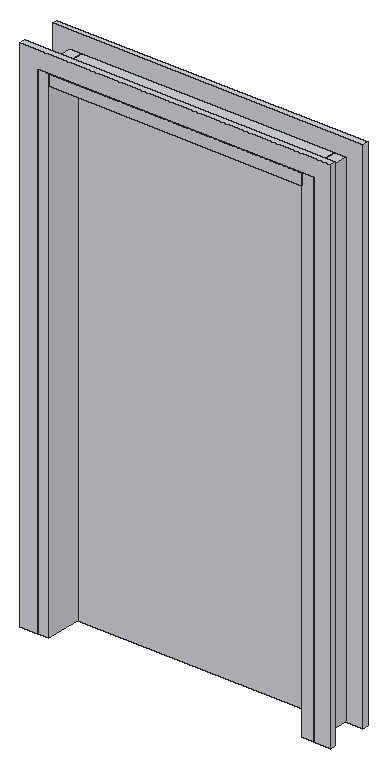
Revit family "Cua_Chong_Chay_D7_1Canh", category Doors, host Wall, Revit 2025
Family settings
  Host = Wall
  OmniClass Number = 23.30.10.00
  OmniClass Title = Doors
  Always vertical = Yes
  Cut with Voids When Loaded = No
  Shared = No
  Room Calculation Point = No
Parameters (values of type "D7_1200x2200")
  Function = Interior
  Frame Projection Ext. = 25 mm
  Frame Projection Int. = 25 mm
  Frame Width = 75 mm
  Height = 2200 mm
  Wall Closure = By host
  Width = 1200 mm
  Fire Rating = "EI 70 (70 phút)"
  Description = "Cửa thép chống cháy 1 cánh D7 (EI 70) - Góc mở 30%"
Types (3, lengths in mm): name | Height
  (no name) | 2400
  D7_1200x2200 | 2200
  D7_1200x2400 | 2400
Reference planes
  plane 1: y = 0
  plane 2 "Center (Left/Right)": x = 0
  plane 3 "Left": x = -600
  plane 4 "Right": x = 600
  plane 5: z = 2200
  plane 6 "Exterior": y = 75
  plane 7 "Interior": y = -75
Forms (mm)
  Extrusion 1, solid
    sketch origin (-3050, -75, 0) x (1, 0, 0) y (0, 0, 1)
      loop
        line (2375, 0) -> (2450, 0) -> (2450, 2200) -> (3650, 2200) -> (3650, 0) -> (3725, 0) -> (3725, 2275) -> (2375, 2275) -> (2375, 0)
    from 0 to 25
  Extrusion 2, solid
    sketch origin (-3050, 75, 0) x (-1, 0, 0) y (0, 0, 1)
      loop
        line (-2450, 0) -> (-2375, 0) -> (-2375, 2275) -> (-3725, 2275) -> (-3725, 0) -> (-3650, 0) -> (-3650, 2200) -> (-2450, 2200) -> (-2450, 0)
    from 0 to 25
  Extrusion 3, solid
    sketch origin (0, 0, 0) x (1, 0, 0) y (0, 1, 0)
      loop
        line (-600, -100) -> (-550, -100) -> (-550, 100) -> (-600, 100) -> (-600, -100)
    from 0 to 2200
  Extrusion 4, solid
    sketch origin (0, 0, 0) x (1, 0, 0) y (0, 1, 0)
      loop
        line (550, -100) -> (600, -100) -> (600, 100) -> (550, 100) -> (550, -100)
    from 0 to 2200
  Extrusion 5, solid
    sketch origin (0, 0, 0) x (1, 0, 0) y (0, 1, 0)
      loop
        line (-550, -100) -> (550, -100) -> (550, 100) -> (-550, 100) -> (-550, -100)
    from 2150 to 2200
  Extrusion 6, solid
    sketch origin (0, 0, 0) x (1, 0, 0) y (0, 1, 0)
      loop
        line (-550, 55) -> (550, 55) -> (550, 100) -> (-550, 100) -> (-550, 55)
    from 0 to 2150
Lines and regions (mm)
  Opening 1
    outline origin (-3050, -75, 0) x (1, 0, 0) y (0, 0, 1)
      loop
        line (2450, 0) -> (3650, 0) -> (3650, 2200) -> (2450, 2200) -> (2450, 0)
  symbolic lines, style "Elevation Swing"
    curve 1: line (600, -75, 1100) -> (-600, -75, 2200)
    curve 2: line (600, -75, 1100) -> (-600, -75, 0)
  symbolic lines, style "DoorsPanelProjection"
    curve 3: line (-550, 100, 0) -> (402.628, 650, 0)
    curve 4: line (402.628, 650, 0) -> (380.128, 688.971, 0)
    curve 5: line (380.128, 688.971, 0) -> (-572.5, 138.971, 0)
    curve 6: line (-572.5, 138.971, 0) -> (-550, 100, 0)
  symbolic lines, style "Plan Swing"
    curve 7: arc (550, 100, 0) -> (512.518, 384.701, 0) -> (402.628, 650, 0) r 1100
  symbolic lines, style "DoorsFrameMullionProjection"
    curve 8: line (-600, -100, 0) -> (-550, -100, 0)
    curve 9: line (-550, -100, 0) -> (-550, 100, 0)
    curve 10: line (-550, 100, 0) -> (-600, 100, 0)
    curve 11: line (-600, 100, 0) -> (-600, -100, 0)
    curve 12: line (550, -100, 0) -> (600, -100, 0)
    curve 13: line (600, -100, 0) -> (600, 100, 0)
    curve 14: line (600, 100, 0) -> (550, 100, 0)
    curve 15: line (550, 100, 0) -> (550, -100, 0)
Text (mm)
  text "Exterior" at (-1376.75, 1099.543, 0), in view "Ref. Level"
  text "Exterior" at (0, 1615.38, 3698.081), in view "Left"
  text "Exterior" at (0, 1036.032, 3874.932), in view "Right"
Dimensions and locks
  equal spacing: plane 3 "Left", plane 2 "Center (Left/Right)", plane 4 "Right"
  "Width": plane 3 "Left" to plane 4 "Right"
  "Height": plane 5 to host wall
  equal spacing: host wall, curve 2, plane 5
  host wall to plane 5 = 2200 mm
  "Frame Projection Ext.": Extrusion 2 to Extrusion 2
  "Frame Projection Int.": Extrusion 1 to Extrusion 1
  "Frame Width": plane 3 "Left" to Extrusion 1 sketch curve
  "Frame Width": plane 4 "Right" to Extrusion 1 sketch curve
  "Frame Width": Extrusion 1 sketch curve to plane 5
  "Frame Width": plane 4 "Right" to Extrusion 2 sketch curve
  "Frame Width": plane 3 "Left" to Extrusion 2 sketch curve
  "Frame Width": plane 5 to Extrusion 2 sketch curve
  locked: plane 6 "Exterior" to host wall
  locked: plane 7 "Interior" to host wall
  aligned and locked: plane 3 "Left" to Opening 1 sketch curve
  aligned and locked: plane 5 to Opening 1 sketch curve  (x2)
  aligned and locked: Opening 1 sketch curve to plane 4 "Right"
  aligned and locked: Opening 1 sketch curve to level
  aligned and locked: level to Extrusion 1 sketch curve
  aligned and locked: plane 5 to Extrusion 1 sketch curve  (x2)
  aligned and locked: Extrusion 1 sketch curve to plane 4 "Right"
  aligned and locked: plane 3 "Left" to Extrusion 1 sketch curve
  aligned and locked: plane 3 "Left" to Extrusion 2 sketch curve
  aligned and locked: plane 5 to Extrusion 2 sketch curve  (x2)
  aligned and locked: level to Extrusion 2 sketch curve
  aligned and locked: plane 5 to curve 1
  aligned and locked: plane 3 "Left" to curve 2
  aligned and locked: plane 1 to host wall
  aligned and locked: plane 3 "Left" to curve 1
Automatic sketch dimensions
  Extrusion 2 sketch curve to plane 4 "Right" = 0 mm
  Extrusion 1 sketch curve to level = 0 mm
  Extrusion 2 sketch curve to level = 0 mm
  plane 4 "Right" to curve 2 = 0 mm
  curve 2 to level = 0 mm
  Extrusion 3 sketch curve to plane 3 "Left" = 0 mm
  Extrusion 3 sketch curve to Extrusion 3 sketch curve = 50 mm
  host wall to Extrusion 3 sketch curve = 25 mm  (x2)
  Extrusion 4 sketch curve to plane 4 "Right" = 0 mm
  Extrusion 4 sketch curve to Extrusion 4 sketch curve = 50 mm
  host wall to Extrusion 4 sketch curve = 25 mm  (x2)
  host wall to Extrusion 5 sketch curve = 25 mm  (x2)
  Extrusion 5 sketch curve to plane 3 "Left" = 50 mm
  plane 4 "Right" to Extrusion 5 sketch curve = 50 mm
  Extrusion 6 sketch curve to host wall = 20 mm
  Extrusion 6 sketch curve to plane 3 "Left" = 50 mm
  host wall to Extrusion 6 sketch curve = 25 mm
  plane 4 "Right" to Extrusion 6 sketch curve = 50 mm
  curve 4 to curve 3 = 22.5 mm
  curve 3 to curve 4 = 38.971 mm
  curve 5 to plane 3 "Left" = 27.5 mm
  host wall to curve 6 = 25 mm
  curve 7 to curve 3 = 0 mm  (x2)
  plane 4 "Right" to curve 7 = 50 mm
  host wall to curve 8 = 25 mm
  curve 10 to plane 3 "Left" = 0 mm
  host wall to curve 12 = 25 mm
  curve 14 to plane 4 "Right" = 0 mm
